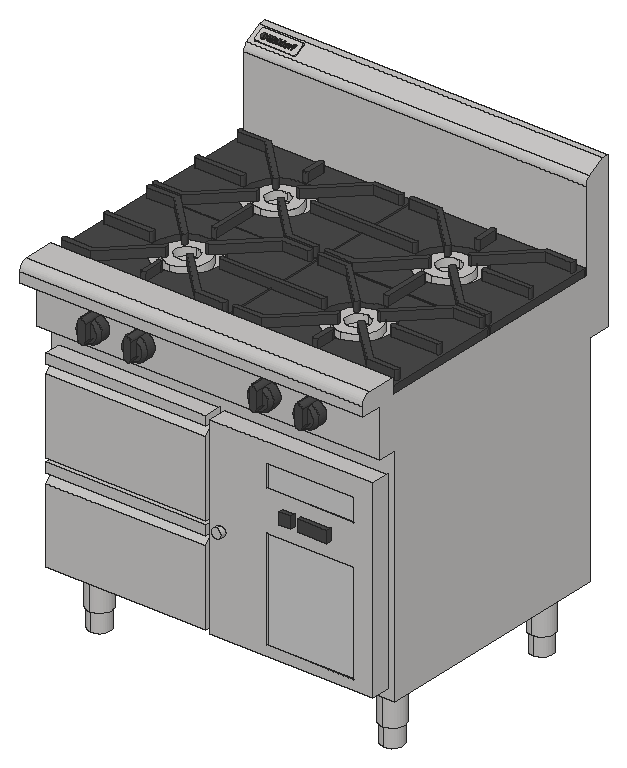
Revit family "QF_MOFFAT WALDORF_RN8900G-RB", category Specialty Equipment, Revit 2012 (continued)
Automatic sketch dimensions
  Extrusion 7 sketch curve to Extrusion 7 sketch curve = 130.621 mm  (x3)
  Extrusion 7 sketch curve to Extrusion 7 sketch curve = 28.921 mm  (x3)
  Extrusion 7 sketch curve to Extrusion 7 sketch curve = 49.825 mm  (x2)
  Extrusion 1 to Split face 1 sketch curve = 5.177 mm
  Split face 1 sketch curve to Extrusion 1 = 9.153 mm
  Split face 1 sketch curve to Extrusion 1 = 154.563 mm
  Split face 1 sketch curve to Split face 1 sketch curve = 20.0 mm
  Revolve 8 sketch curve to Revolve 8 sketch curve = 23.0 mm
  Revolve 8 sketch curve to Revolve 8 sketch curve = 12.7 mm
  Revolve 8 sketch curve to Revolve 8 sketch curve = 0.0 mm  (x2)
  plane 10 to Revolve 8 sketch curve = 112.895 mm
  Revolve 8 sketch curve to Revolve 8 sketch curve = 5.0 mm
  Revolve 8 sketch curve to Revolve 8 sketch curve = 26.651 mm
  Revolve 8 sketch curve to Revolve 8 sketch curve = 5.849 mm
  plane 4 "RIGHT" to Extrusion 9 sketch curve = 175.0 mm
  Extrusion 9 sketch curve to Extrusion 9 sketch curve = 10.0 mm
  plane 10 to Extrusion 9 sketch curve = 124.997 mm
  Extrusion 9 sketch curve to Extrusion 9 sketch curve = 38.997 mm
  Revolve 10 sketch curve to plane 5 "FRONT" = 12.0 mm
  Revolve 10 sketch curve to Revolve 10 sketch curve = 0.0 mm  (x2)
  Revolve 10 sketch curve to Revolve 10 sketch curve = 11.0 mm
  Revolve 10 sketch curve to Revolve 10 sketch curve = 12.7 mm
  Revolve 10 sketch curve to Revolve 10 sketch curve = 23.0 mm
  Revolve 10 sketch curve to Revolve 10 sketch curve = 10.0 mm
  plane 10 to Revolve 10 sketch curve = 80.593 mm
  Revolve 10 sketch curve to Revolve 10 sketch curve = 5.849 mm
  Revolve 10 sketch curve to Revolve 10 sketch curve = 27.5 mm
  Revolve 10 sketch curve to Revolve 10 sketch curve = 5.0 mm
  plane 7 "Center Y" to Extrusion 11 sketch curve = 175.0 mm
  Extrusion 11 sketch curve to Extrusion 11 sketch curve = 10.0 mm
  plane 10 to Extrusion 11 sketch curve = 86.0 mm
  Extrusion 11 sketch curve to Extrusion 11 sketch curve = 39.0 mm
  Extrusion 1 to Split face 2 sketch curve = 5.177 mm
  Split face 2 sketch curve to Extrusion 1 = 9.153 mm
  Split face 2 sketch curve to Extrusion 1 = 204.563 mm
  Split face 2 sketch curve to Split face 2 sketch curve = 20.0 mm
  Extrusion 1 to Split face 3 sketch curve = 5.177 mm
  Split face 3 sketch curve to Extrusion 1 = 9.153 mm
  Split face 3 sketch curve to Extrusion 1 = 254.563 mm
  Split face 3 sketch curve to Split face 3 sketch curve = 20.0 mm
  Extrusion 1 to Split face 4 sketch curve = 5.177 mm
  Split face 4 sketch curve to Extrusion 1 = 9.153 mm
  Split face 4 sketch curve to Extrusion 1 = 304.563 mm
  Split face 4 sketch curve to Split face 4 sketch curve = 20.0 mm
  Extrusion 1 to Split face 5 sketch curve = 5.177 mm
  Split face 5 sketch curve to Extrusion 1 = 9.153 mm
  Split face 5 sketch curve to Extrusion 1 = 354.563 mm
  Split face 5 sketch curve to Split face 5 sketch curve = 20.0 mm
  Extrusion 1 to Split face 6 sketch curve = 5.177 mm
  Split face 6 sketch curve to Extrusion 1 = 9.153 mm
  Split face 6 sketch curve to Extrusion 1 = 404.563 mm
  Split face 6 sketch curve to Split face 6 sketch curve = 20.0 mm
  Extrusion 1 to Split face 7 sketch curve = 5.177 mm
  Split face 7 sketch curve to Extrusion 1 = 9.153 mm
  Split face 7 sketch curve to Extrusion 1 = 445.437 mm
  Split face 7 sketch curve to Split face 7 sketch curve = 20.0 mm
  Extrusion 1 to Split face 8 sketch curve = 5.177 mm
  Split face 8 sketch curve to Extrusion 1 = 9.153 mm
  Split face 8 sketch curve to Extrusion 1 = 395.437 mm
  Split face 8 sketch curve to Split face 8 sketch curve = 20.0 mm
  Extrusion 1 to Split face 9 sketch curve = 5.177 mm
  Split face 9 sketch curve to Extrusion 1 = 9.153 mm
  Split face 9 sketch curve to Extrusion 1 = 345.437 mm
  Split face 9 sketch curve to Split face 9 sketch curve = 20.0 mm
  Extrusion 1 to Split face 10 sketch curve = 5.177 mm
  Split face 10 sketch curve to Extrusion 1 = 9.153 mm
  Split face 10 sketch curve to Extrusion 1 = 295.437 mm
  Split face 10 sketch curve to Split face 10 sketch curve = 20.0 mm
  Extrusion 1 to Split face 11 sketch curve = 5.177 mm
  Split face 11 sketch curve to Extrusion 1 = 9.153 mm
  Split face 11 sketch curve to Extrusion 1 = 245.437 mm
  Split face 11 sketch curve to Split face 11 sketch curve = 20.0 mm
  Extrusion 1 to Split face 12 sketch curve = 5.177 mm
  Split face 12 sketch curve to Extrusion 1 = 9.153 mm
  Split face 12 sketch curve to Extrusion 1 = 195.437 mm
  Split face 12 sketch curve to Split face 12 sketch curve = 20.0 mm
  Revolve 12 sketch curve to plane 9 "Base Height" = 0.0 mm
  Revolve 12 sketch curve to level = 0.0 mm
  level to Revolve 12 sketch curve = 50.0 mm
  plane 1 "BACK" to Revolve 12 sketch curve = 166.75 mm
  Revolve 12 sketch curve to Revolve 12 sketch curve = 4.25 mm
  Revolve 12 sketch curve to Revolve 12 sketch curve = 27.5 mm  (x2)
  Revolve 12 sketch curve to Revolve 12 sketch curve = 55.0 mm
  Revolve 12 sketch curve to Revolve 12 sketch curve = 0.0 mm
  Revolve 13 sketch curve to plane 9 "Base Height" = 0.0 mm
  Revolve 13 sketch curve to level = 0.0 mm
  level to Revolve 13 sketch curve = 50.0 mm
  Revolve 13 sketch curve to plane 5 "FRONT" = 148.25 mm
  Revolve 13 sketch curve to Revolve 13 sketch curve = 4.25 mm
  Revolve 13 sketch curve to Revolve 13 sketch curve = 27.5 mm  (x2)
  Revolve 13 sketch curve to Revolve 13 sketch curve = 55.0 mm
  Revolve 13 sketch curve to Revolve 13 sketch curve = 0.0 mm
  Revolve 14 sketch curve to plane 9 "Base Height" = 0.0 mm
  Revolve 14 sketch curve to level = 0.0 mm
  level to Revolve 14 sketch curve = 50.0 mm
  plane 1 "BACK" to Revolve 14 sketch curve = 166.75 mm
  Revolve 14 sketch curve to Revolve 14 sketch curve = 4.25 mm
  Revolve 14 sketch curve to Revolve 14 sketch curve = 27.5 mm  (x2)
  Revolve 14 sketch curve to Revolve 14 sketch curve = 0.0 mm
  Revolve 14 sketch curve to Revolve 14 sketch curve = 55.0 mm
  Revolve 15 sketch curve to plane 9 "Base Height" = 0.0 mm
  Revolve 15 sketch curve to level = 0.0 mm
  level to Revolve 15 sketch curve = 50.0 mm
  Revolve 15 sketch curve to plane 5 "FRONT" = 148.25 mm
  Revolve 15 sketch curve to Revolve 15 sketch curve = 4.25 mm
  Revolve 15 sketch curve to Revolve 15 sketch curve = 27.5 mm  (x2)
  Revolve 15 sketch curve to Revolve 15 sketch curve = 0.0 mm
  Revolve 15 sketch curve to Revolve 15 sketch curve = 55.0 mm
  Extrusion 16 sketch curve to plane 11 = 0.0 mm
  Extrusion 16 sketch curve to plane 11 = 25.0 mm
  plane 4 "RIGHT" to Extrusion 16 sketch curve = 69.0 mm  (x2)
  Extrusion 16 sketch curve to Extrusion 16 sketch curve = 265.0 mm
  Extrusion 16 sketch curve to Extrusion 16 sketch curve = 104.0 mm
  Extrusion 16 sketch curve to Extrusion 16 sketch curve = 60.0 mm
  plane 4 "RIGHT" to Extrusion 16 sketch curve = 19.0 mm
  Extrusion 16 sketch curve to Extrusion 16 sketch curve = 50.0 mm
  plane 7 "Center Y" to Extrusion 16 sketch curve = 151.0 mm
  Extrusion 16 sketch curve to Extrusion 16 sketch curve = 0.0 mm
  plane 7 "Center Y" to Extrusion 16 sketch curve = 3.0 mm
  Extrusion 17 sketch curve to Extrusion 16 = 34.46 mm  (x2)
  Extrusion 17 sketch curve to Extrusion 17 sketch curve = 30.0 mm  (x2)
  Extrusion 17 sketch curve to Extrusion 17 sketch curve = 0.0 mm
  Extrusion 16 to Extrusion 17 sketch curve = 43.926 mm
  Extrusion 17 sketch curve to Extrusion 17 sketch curve = 17.577 mm
  Extrusion 16 to Extrusion 17 sketch curve = 60.185 mm
  Extrusion 16 to Extrusion 18 sketch curve = 39.229 mm
  Extrusion 18 sketch curve to Extrusion 16 = 27.856 mm
  Extrusion 19 sketch curve to Extrusion 16 = 0.0 mm  (x6)
  Extrusion 16 to Extrusion 19 sketch curve = 0.0 mm  (x2)
  Extrusion 1 to Extrusion 20 sketch curve = 283.0 mm
  Extrusion 1 sketch curve to Extrusion 1 sketch curve = 59.0 mm
  Extrusion 1 sketch curve to Extrusion 1 sketch curve = 150.0 mm
  Extrusion 1 sketch curve to plane 1 "BACK" = 0.0 mm
  Extrusion 1 to Extrusion 20 sketch curve = 323.0 mm
  curve 70 to curve 114 = 0.722 mm
  curve 84 to curve 119 = 0.722 mm
  curve 96 to curve 116 = 1.735 mm
  curve 104 to curve 118 = 1.735 mm
  plane 15 to curve 118 = 2.981 mm
  plane 15 to curve 120 = 3.882 mm
  curve 117 to curve 90 = 1.437 mm
  curve 119 to curve 84 = 0.535 mm
  curve 104 to curve 115 = 7.379 mm
  curve 70 to curve 114 = 8.28 mm
  curve 116 to curve 88 = 0.437 mm
  curve 86 to curve 113 = 0.465 mm
  plane 3 "LEFT" to Extrusion 7 sketch curve = 13.21 mm  (x3)
  plane 14 to Extrusion 7 sketch curve = 43.572 mm  (x4)
  plane 14 to Extrusion 7 sketch curve = 38.602 mm  (x2)
  plane 4 "RIGHT" to Extrusion 7 sketch curve = 13.21 mm  (x4)
  Extrusion 7 sketch curve to plane 15 = 44.172 mm  (x4)
  plane 3 "LEFT" to Extrusion 7 sketch curve = 13.273 mm  (x2)
  plane 4 "RIGHT" to Extrusion 7 sketch curve = 87.354 mm  (x2)
  Extrusion 7 sketch curve to Extrusion 7 sketch curve = 74.143 mm
  plane 4 "RIGHT" to Extrusion 7 sketch curve = 13.273 mm  (x2)
  Extrusion 21 sketch curve to Extrusion 21 sketch curve = 0.0 mm  (x49)
  Extrusion 1 to Extrusion 21 sketch curve = 110.5 mm  (x2)
  Extrusion 21 sketch curve to Extrusion 21 sketch curve = 27.0 mm  (x4)
  Extrusion 21 sketch curve to Extrusion 21 sketch curve = 30.0 mm  (x4)
  Extrusion 21 sketch curve to Extrusion 21 sketch curve = 185.0 mm  (x2)
  Extrusion 1 to Extrusion 21 sketch curve = 224.0 mm  (x2)
  Extrusion 1 to Extrusion 21 sketch curve = 226.0 mm
  Extrusion 1 to Extrusion 22 sketch curve = 1.0 mm  (x5)
  Extrusion 22 sketch curve to Extrusion 22 sketch curve = 3.0 mm  (x9)
  Extrusion 1 to Extrusion 22 sketch curve = 4.0 mm  (x2)
  Extrusion 22 sketch curve to Extrusion 22 sketch curve = 0.0 mm  (x6)
  Extrusion 1 to Extrusion 22 sketch curve = 167.079 mm
  Extrusion 1 to Extrusion 22 sketch curve = 167.98 mm
  Extrusion 22 sketch curve to Extrusion 22 sketch curve = 144.395 mm  (x2)
  Extrusion 22 sketch curve to Extrusion 22 sketch curve = 145.296 mm
  Extrusion 22 sketch curve to Extrusion 1 = 167.921 mm
  Extrusion 22 sketch curve to Extrusion 1 = 167.02 mm
  Extrusion 22 sketch curve to Extrusion 1 = 4.0 mm  (x3)
  Extrusion 22 sketch curve to Extrusion 1 = 1.0 mm  (x2)
  Extrusion 1 to Extrusion 22 sketch curve = 224.937 mm  (x2)
  Extrusion 22 sketch curve to Extrusion 22 sketch curve = 220.251 mm  (x2)
  Extrusion 22 sketch curve to Extrusion 22 sketch curve = 3.625 mm  (x2)
  Extrusion 1 to Extrusion 22 sketch curve = 224.05 mm  (x2)
  curve 86 to curve 121 = 0.0 mm  (x2)
  curve 86 to curve 122 = 27.0 mm
  curve 88 to curve 123 = 0.0 mm  (x2)
  curve 88 to curve 124 = 27.0 mm
  curve 90 to curve 125 = 0.0 mm  (x2)
  curve 90 to curve 125 = 27.0 mm
  curve 84 to curve 127 = 0.0 mm  (x2)
  curve 84 to curve 127 = 27.0 mm
  radius of Extrusion 4 sketch curve = 13.5 mm
  radius of Extrusion 18 sketch curve = 12.395 mm
  radius of Extrusion 20 sketch curve = 6.35 mm
  radius of Extrusion 22 sketch curve = 84.082 mm  (x4)
Nested families
  nested 1: "RN8900G-RB-CASTERS" at (65, -135, 0), Show Casters <- "Show Casters", visible <- "Show Casters", type "RN8900G-RB-CASTERS"
    with Type Mark "", Status "", Specification by User "", Show Casters no, Revision Code "", Item Number "", Installed By "", Identify Quantity as Lot yes, Furnished By "", Foodservice Equipment Identifier yes
  nested 2: "RN8900G-RB-CASTERS" at (835, -135, 0), Show Casters <- "Show Casters", visible <- "Show Casters", type "RN8900G-RB-CASTERS"
    with Type Mark "", Status "", Specification by User "", Show Casters no, Revision Code "", Item Number "", Installed By "", Identify Quantity as Lot yes, Furnished By "", Foodservice Equipment Identifier yes
  nested 3: "RNL8600G-RB-DOOR AND DRAWER" at (19, -699, 176.5), Show Door <- "Show Door", Show Drawer <- "Drawer", Drawer Clearance <- "Drawer Clearance", Door Clearance <- "Door Clearance", type "RNL8600G-RB-DOOR AND DRAWER"
    with Type Mark "", Status "", Specification by User "", Show Drawer yes, Show Door no, Revision Code "", Item Number "", Installed By "", Identify Quantity as Lot yes, Furnished By "", Foodservice Equipment Identifier yes, Drawer Clearance yes, Door Clearance no
  nested 4: "WALDORF LOGO_FACE BASE" at (12.285, -22.852, 1126.333) x (1, 0, 0) z (0, -0.5, 0.866), visible <- "Show Logo", type "WALDORF LOGO_FACE BASE", detail levels medium+fine
    with Show Logo yes
Connectors
  piping at (770, -32, 655)
    settings: on Extrusion 4, index 3, connector radius 0.37402", flow factor 0, pipe flow 0 GPM, pressure drop 0.00 psi, fitting loss kfactor 0, connector angle 0.00°, fixture units 0, engagement length 0.0 mm, flow configuration 1, flow direction 1, fitting loss method 0, system type 7, joint type 0, gender type 0, connector reference index -1, connector utility 0, adjustable connector no, is connector primary yes, fitting loss table "", connector description "GAS CONNECTION"
  electrical at (617, 1.6, 402), driven by "Volts", driven by "Watts"
    settings: on Extrusion 20, index 4, voltage 240 V, apparent load 250 VA, apparent load phase1 0 VA, apparent load phase2 0 VA, apparent load phase3 0 VA, power factor 1, load classification "Other", number of poles 1, system type 30, power factor state 1, is connector primary yes, connector utility no, sub classification motor no, connector description "ELECTRICAL CONNECTION"
Definition of nested family "RNL8600G-RB-DOOR AND DRAWER"
  Parameters (values of type "GP8900G-RB-DOOR AND DRAWER")
    Weight in Pounds = 0
    URL Cutsheet = ""
    URL = ""
    Type Mark [instance] = ""
    Status [instance] = ""
    Specification by User [instance] = ""
    Specification by Manufacturer = ""
    Show Door [instance] = yes
    Serial Number = ""
    Seismic Rating = ""
    SMACNA No = ""
    Revision Code [instance] = ""
    Omniclass Number and Title = ""
    NAFEM Spec ID Number = ""
    Model = ""
    Masterspec = ""
    Manufacturer = ""
    Item Number [instance] = ""
    Installed By [instance] = ""
    Identify Quantity as Lot [instance] = yes
    Furnished By [instance] = ""
    Foodservice Equipment Identifier [instance] = yes
    Show Drawer [instance] = yes
    Drawer Clearance [instance] = yes
    Door Clearance [instance] = yes
    Description = ""
    CSI MasterFormat = ""
    CSI Master Format = ""
  Reference planes
    plane 1 "BACK": y = 0
    plane 2: z = 0
    plane 3 "LEFT": x = 0
    plane 4 "RIGHT": x = 420
    plane 5 "FRONT": y = -464.82
    plane 6 "TOP": z = 504
    plane 7 "Center Y": x = 210
    plane 8 "Center X": y = -232.41
    plane 9: x = 420
  Forms (mm)
    Extrusion 1, solid, material "QF_Finishes_Stainless Steel", visible <- "Show Drawer"
      sketch origin (-19, 702.18, -174) x (0, 1, 0) y (0, 0, 1)
        loop
          line (-747, 678) -> (-747, 653) -> (-722, 653) -> (-747, 628) -> (-747, 431) -> (-702.18, 431) -> (-702.18, 678) -> (-747, 678)
        loop
          line (-747, 421) -> (-747, 396) -> (-722, 396) -> (-747, 371) -> (-747, 174) -> (-702.18, 174) -> (-702.18, 421) -> (-747, 421)
      from 19 to 439
    Extrusion 2, solid, material "QF_Door-Drawer Clearances", visible <- "Drawer Clearance", detail levels coarse
      sketch origin (-19, -44.82, 257) x (0, 0, 1) y (-1, 0, 0)
        loop
          line (-257, -19) -> (-257, -439) -> (-10, -439) -> (-10, -19) -> (-257, -19)
        loop
          line (0, -19) -> (0, -439) -> (247, -439) -> (247, -19) -> (0, -19)
      from 0 to 304.8
    Extrusion 3, solid, material "QF_Finishes_Stainless Steel", visible <- "Show Door"
      sketch origin (-19, 702.18, -174) x (0, 1, 0) y (0, 0, 1)
        loop
          line (-748.15, 675.55) -> (-748.15, 658) -> (-723.95, 658) -> (-723.95, 648.15)
          arc (-723.95, 648.15) -> (-740.921, 641.121) -> (-747.95, 624.15) r 24
          line (-747.95, 624.15) -> (-747.95, 198)
          arc (-747.95, 198) -> (-740.921, 181.029) -> (-723.95, 174) r 24
          line (-723.95, 174) -> (-705.2, 174) -> (-705.2, 678) -> (-745.7, 678)
          arc (-745.7, 678) -> (-747.432, 677.282) -> (-748.15, 675.55) r 2.45
      from 19 to 439
    Extrusion 4, solid, material "QF_Door-Drawer Clearances", visible <- "Door Clearance", detail levels coarse
      sketch origin (-19, -8.47, 0) x (-1, 0, 0) y (0, 1, 0)
        loop
          line (-19, -36.35) -> (-439, -36.35)
          arc (-439, -36.35) -> (-315.985, -333.335) -> (-19, -456.35) r 420
          line (-19, -456.35) -> (-19, -36.35)
      from 0 to -504
  Lines and regions (mm)
    symbolic lines, style "QF_Door-Drawer Clearances", visible <- "Drawer Clearance"
      curve 1: line (0, -102.82, 150) -> (0, -349.62, 150)
      curve 2: line (420, -349.62, 150) -> (420, -104.62, 150)
      curve 5: line (0, -349.62, 0) -> (420, -349.62, 0)
    symbolic lines, style "QF_Door-Drawer Clearances", visible <- "Door Clearance"
      curve 3: line (58, -102.82, 150) -> (296.985, -341.805, 150)
      curve 4: arc (416.229, -100.977, 150) -> (376.388, -231.185, 150) -> (296.985, -341.805, 150) r 420
  Dimensions and locks
    equal spacing: plane 3 "LEFT", plane 7 "Center Y", plane 4 "RIGHT"
    plane 3 "LEFT" to plane 4 "RIGHT" = 420.0 mm
    equal spacing: plane 5 "FRONT", plane 8 "Center X", plane 1 "BACK"
    plane 5 "FRONT" to plane 1 "BACK" = 464.82 mm
    plane 6 "TOP" to level = 504.0 mm
    aligned and locked: level to plane 2
  Automatic sketch dimensions
    curve 4 to plane 3 "LEFT" = 0.0 mm
    curve 1 to plane 3 "LEFT" = 0.0 mm
    plane 4 "RIGHT" to curve 4 = 3.771 mm
    plane 7 "Center Y" to curve 3 = 86.985 mm
    curve 3 to curve 1 = 58.0 mm
    plane 1 "BACK" to curve 4 = 44.82 mm
    plane 1 "BACK" to curve 4 = 100.977 mm
    curve 4 to curve 3 = 58.0 mm
    curve 1 to curve 3 = 0.0 mm
    curve 4 to curve 2 = 3.643 mm
    Extrusion 1 sketch curve to level = 0.0 mm
    Extrusion 1 sketch curve to plane 1 "BACK" = 0.0 mm  (x2)
    plane 1 "BACK" to Extrusion 1 sketch curve = 19.82 mm  (x2)
    Extrusion 1 sketch curve to Extrusion 1 sketch curve = 25.0 mm  (x6)
    Extrusion 1 sketch curve to Extrusion 1 sketch curve = 0.0 mm
    Extrusion 1 sketch curve to Extrusion 1 sketch curve = 44.82 mm
    level to Extrusion 1 sketch curve = 197.0 mm
    Extrusion 1 sketch curve to Extrusion 1 sketch curve = 10.0 mm
    Extrusion 1 sketch curve to Extrusion 1 sketch curve = 197.0 mm
    Extrusion 1 to Extrusion 2 sketch curve = 0.0 mm  (x4)
    Extrusion 2 sketch curve to Extrusion 1 = 0.0 mm
    Extrusion 1 to Extrusion 2 sketch curve = 222.0 mm
    Extrusion 2 sketch curve to Extrusion 2 sketch curve = 10.0 mm
    Extrusion 2 sketch curve to Extrusion 2 sketch curve = 247.0 mm
    Extrusion 3 sketch curve to level = 0.0 mm
    plane 1 "BACK" to Extrusion 3 sketch curve = 45.97 mm
    Extrusion 3 sketch curve to Extrusion 3 sketch curve = 0.2 mm
    Extrusion 3 sketch curve to Extrusion 3 sketch curve = 2.45 mm
    plane 1 "BACK" to Extrusion 3 sketch curve = 21.77 mm  (x2)
    plane 1 "BACK" to Extrusion 3 sketch curve = 3.02 mm
    Extrusion 3 sketch curve to Extrusion 3 sketch curve = 426.15 mm
    Extrusion 3 sketch curve to Extrusion 3 sketch curve = 9.85 mm
    Extrusion 3 sketch curve to Extrusion 3 sketch curve = 17.55 mm
    Extrusion 4 sketch curve to Extrusion 3 = 0.0 mm  (x2)
    Extrusion 3 to Extrusion 4 sketch curve = 23.05 mm
    curve 2 to plane 4 "RIGHT" = 0.0 mm
    curve 1 to plane 5 "FRONT" = 115.2 mm
    curve 2 to plane 5 "FRONT" = 115.2 mm
Definition of nested family "WALDORF LOGO_FACE BASE"
  Parameters (values of type "WALDORF LOGO_FACE BASE")
    Show Logo [instance] = yes
    Default Elevation = 1219.2 mm
  Reference planes
    plane 1 "Center (Front/Back)": y = 0
    plane 2: z = 0
    plane 3 "Center (Left/Right)": x = 0
  Forms (mm)
    Extrusion 1, solid
      sketch origin (0, 0, 0) x (1, 0, 0) y (0, 1, 0)
        loop
          line (-1219.2, 1219.2) -> (-1219.2, -1219.2) -> (1219.2, -1219.2) -> (1219.2, 1219.2) -> (-1219.2, 1219.2)
      from 0 to -304.8
    Extrusion 2, solid, material "QF_Finishes_Stainless Steel", visible <- "Show Logo"
      sketch origin (0, -33.217, 0) x (1, 0, 0) y (0, 1, 0)
        loop
          arc (5, 34.14) -> (1.464, 32.676) -> (0, 29.14) r 5
          line (0, 29.14) -> (0, 5)
          arc (0, 5) -> (1.464, 1.464) -> (5, 0) r 5
          line (5, 0) -> (104, 0)
          arc (104, 0) -> (107.536, 1.464) -> (109, 5) r 5
          line (109, 5) -> (109, 29.14)
          arc (109, 29.14) -> (107.536, 32.676) -> (104, 34.14) r 5
          line (104, 34.14) -> (5, 34.14)
      from 0 to 1.588
    Extrusion 3, solid, material "QF_Finishes_Black", visible <- "Show Logo"
      sketch origin (0, -33.217, 1.588) x (1, 0, 0) y (0, 1, 0)
        loop
          line (24.772, 23.214) -> (27.992, 10.301) -> (31.551, 10.301) -> (33.443, 17.364) -> (35.205, 10.301) -> (39.332, 10.301) -> (42.077, 23.214) -> (38.352, 23.214) -> (36.676, 15.33) -> (35, 23.214) -> (31.752, 23.214) -> (30.076, 15.33) -> (28.4, 23.214) -> (24.772, 23.214)
        loop
          line (42.272, 17.055) -> (45.703, 17.055)
          spline (45.703, 17.055) -> (45.741, 17.285) -> (45.852, 17.499) -> (46.028, 17.682) -> (46.258, 17.823) -> (46.526, 17.912) -> (46.813, 17.942) -> (47.1, 17.912) -> (47.368, 17.823) -> (47.597, 17.682) -> (47.774, 17.499) -> (47.884, 17.285) -> (47.922, 17.055)
          line (47.922, 17.055) -> (47.922, 16.222)
          arc (47.922, 16.222) -> (45.742, 16.014) -> (43.665, 15.317) r 9.604
          arc (43.665, 15.317) -> (41.924, 12.809) -> (43.665, 10.301) r 2.677
          arc (43.665, 10.301) -> (45.527, 10.353) -> (47.332, 10.816) r 8.365
          line (47.332, 10.816) -> (48.092, 11.105) -> (48.092, 10.301) -> (51.817, 10.301) -> (51.817, 17.055)
          spline (51.817, 17.055) -> (51.654, 17.821) -> (51.178, 18.535) -> (50.419, 19.148) -> (49.431, 19.619) -> (48.28, 19.914) -> (47.044, 20.015) -> (45.809, 19.914) -> (44.658, 19.619) -> (43.67, 19.148) -> (42.911, 18.535) -> (42.434, 17.821) -> (42.272, 17.055)
        loop
          line (53.151, 23.214) -> (53.151, 10.301) -> (57.37, 10.301) -> (57.37, 23.214) -> (53.151, 23.214)
        loop
          line (64.874, 23.214) -> (64.874, 18.857)
          arc (64.874, 18.857) -> (58.083, 15.11) -> (64.874, 11.363) r 4.429
          line (64.874, 11.363) -> (64.874, 10.301) -> (68.378, 10.301) -> (68.378, 23.214) -> (64.874, 23.214)
        loop
          arc (64.874, 16.083) -> (61.41, 14.987) -> (64.874, 13.891) r 1.905
          line (64.874, 13.891) -> (64.874, 16.083)
        loop
          circle (74.623, 15.223) r 5
        loop
          spline (74.623, 17.856) -> (74.355, 17.766) -> (74.105, 17.503) -> (73.891, 17.084) -> (73.726, 16.539) -> (73.623, 15.904) -> (73.588, 15.223) -> (73.623, 14.541) -> (73.726, 13.906) -> (73.891, 13.361) -> (74.105, 12.942) -> (74.355, 12.679) -> (74.623, 12.59)
          spline (74.623, 12.59) -> (74.891, 12.679) -> (75.141, 12.942) -> (75.355, 13.361) -> (75.52, 13.906) -> (75.623, 14.541) -> (75.659, 15.223) -> (75.623, 15.904) -> (75.52, 16.539) -> (75.355, 17.084) -> (75.141, 17.503) -> (74.891, 17.766) -> (74.623, 17.856)
        loop
          line (81.255, 19.813) -> (81.255, 10.301) -> (84.834, 10.301) -> (84.834, 14.176)
          arc (84.834, 14.176) -> (85.854, 16.093) -> (88.013, 16.32) r 2.313
          line (88.013, 16.32) -> (88.013, 19.813) -> (87.161, 19.813)
          arc (87.161, 19.813) -> (85.526, 19.266) -> (84.549, 17.844) r 2.717
          line (84.549, 17.844) -> (84.549, 19.813) -> (81.255, 19.813)
        loop
          line (90.249, 19.813) -> (88.91, 19.813) -> (88.91, 17.614) -> (90.249, 17.614) -> (90.249, 10.301) -> (93.998, 10.301) -> (93.998, 17.614) -> (95.418, 17.614) -> (95.418, 19.813) -> (93.998, 19.813)
          arc (93.998, 19.813) -> (94.414, 20.817) -> (95.418, 21.233) r 1.42
          line (95.418, 21.233) -> (95.418, 23.602) -> (93.317, 23.602)
          arc (93.317, 23.602) -> (91.343, 22.903) -> (90.249, 21.118) r 3.137
          line (90.249, 21.118) -> (90.249, 19.813)
        loop
          arc (15.241, 23.571) -> (8.392, 16.525) -> (15.241, 9.479) r 7.049
          line (15.241, 9.479) -> (15.241, 23.571)
        loop
          line (15.641, 23.571) -> (15.641, 9.479)
          arc (15.641, 9.479) -> (22.49, 16.525) -> (15.641, 23.571) r 7.049
        loop
          arc (47.922, 14.711) -> (46.266, 13.749) -> (47.922, 12.787) r 1.107
          line (47.922, 12.787) -> (47.922, 14.711)
      from 0 to 0.2
  Dimensions and locks
    aligned and locked: plane 2 to Extrusion 1
    aligned and locked: level to Extrusion 1
Definition of nested family "RN8900G-RB-CASTERS"
  Parameters (values of type "BTL8450-CB-CASTERS")
    Weight = ""
    URL Manufacturer = ""
    URL Cutsheet = ""
    URL = ""
    Type Mark [instance] = ""
    Status [instance] = ""
    Specification by User [instance] = ""
    Specification by Manufacturer = ""
    Show Casters [instance] = no
    Serial Number = ""
    Seismic Rating = ""
    SMACNA No = ""
    Revision Code [instance] = ""
    Omniclass Number and Title = ""
    NAFEM Spec ID Number = ""
    Model = ""
    MasterSpec. = ""
    Manufacturer = ""
    Item Number [instance] = ""
    Installed By [instance] = ""
    Identify Quantity as Lot [instance] = yes
    Furnished By [instance] = ""
    Foodservice Equipment Identifier [instance] = yes
    Description = ""
    CSI MasterFormat = ""
    CSI Master Format = ""
    Assembly Code = ""
  Reference planes
    plane 1: z = 0
    plane 2 "RIGHT": x = 0
    plane 3 "FRONT": y = 0
    plane 4 "TOP": z = 177.8
  Forms (mm)
    Revolve 1, solid, material "QF_Finishes_Stainless Steel", visible <- "Show Casters"
      sketch origin (0, 56.335, 0) x (0, 1, 0) y (0, 0, 1)
        loop
          line (-56.335, 152.4) -> (-56.335, 141.118) -> (-23.798, 141.118) -> (-23.798, 152.4) -> (-56.335, 152.4)
        axis (-56.335, 141.118) -> (-56.335, 152.4)
      angle from 0 to 360
    Extrusion 2, solid, material "QF_Finishes_Stainless Steel", visible <- "Show Casters"
      sketch origin (-46.049, 56.335, 0) x (0, 1, 0) y (0, 0, 1)
        loop
          line (-85.799, 141.118) -> (-85.799, 133.498) -> (-82.136, 133.498)
          arc (-82.136, 133.498) -> (-79.344, 132.328) -> (-77.146, 130.248) r 8.432
          line (-77.146, 130.248) -> (-39.502, 49.52)
          arc (-39.502, 49.52) -> (-13.784, 46.107) -> (-5.673, 70.75) r 20.32
          arc (-5.673, 70.75) -> (-7.065, 73.611) -> (-8.887, 76.22) r 20.32
          arc (-8.887, 76.22) -> (-9.399, 85.377) -> (-6.626, 94.119) r 25.4
          line (-6.626, 94.119) -> (8.003, 121.632)
          arc (8.003, 121.632) -> (-2.347, 126.31) -> (-13.34, 129.167) r 66.802
          line (-13.34, 129.167) -> (-13.765, 133.498) -> (-26.871, 133.498) -> (-26.871, 141.118) -> (-85.799, 141.118)
      from 20.058 to 22.923
    Extrusion 3, solid, material "QF_Finishes_Stainless Steel", visible <- "Show Casters"
      sketch origin (3.326, 56.335, 0) x (0, 1, 0) y (0, 0, 1)
        loop
          line (-85.799, 141.118) -> (-85.799, 133.498) -> (-82.136, 133.498)
          arc (-82.136, 133.498) -> (-79.344, 132.328) -> (-77.146, 130.248) r 8.432
          line (-77.146, 130.248) -> (-39.502, 49.52)
          arc (-39.502, 49.52) -> (-13.784, 46.107) -> (-5.673, 70.75) r 20.32
          arc (-5.673, 70.75) -> (-7.065, 73.611) -> (-8.887, 76.22) r 20.32
          arc (-8.887, 76.22) -> (-9.399, 85.377) -> (-6.626, 94.119) r 25.4
          line (-6.626, 94.119) -> (8.003, 121.632)
          arc (8.003, 121.632) -> (-2.347, 126.31) -> (-13.34, 129.167) r 66.802
          line (-13.34, 129.167) -> (-13.765, 133.498) -> (-26.871, 133.498) -> (-26.871, 141.118) -> (-85.799, 141.118)
      from 20.058 to 22.923
    Extrusion 4, solid, material "QF_Finishes_Stainless Steel", visible <- "Show Casters"
      sketch origin (-49.224, 56.335, 0) x (0, 1, 0) y (0, 0, 1)
        loop
          line (-85.799, 141.118) -> (-85.799, 133.498) -> (-82.136, 133.498) -> (-18.877, 127.964) -> (7.14, 120.01) -> (8.003, 121.632)
          arc (8.003, 121.632) -> (-2.347, 126.31) -> (-13.34, 129.167) r 66.802
          line (-13.34, 129.167) -> (-13.765, 133.498) -> (-26.871, 133.498) -> (-26.871, 141.118) -> (-85.799, 141.118)
      from 26.098 to 72.56
    Revolve 5, solid, material "QF_Finishes_Stainless Steel", visible <- "Show Casters"
      sketch origin (-49.224, 30.821, 0) x (1, 0, 0) y (0, 0, 1)
        loop
          line (14.841, 63.604) -> (83.584, 63.604) -> (83.584, 67.109) -> (82.314, 68.379) -> (80.79, 68.379) -> (80.79, 71.826) -> (68.644, 71.826) -> (68.644, 81.79) -> (65.088, 83.843) -> (61.683, 104.879) -> (65.881, 104.879) -> (65.881, 111.229) -> (65.088, 111.229) -> (65.088, 117.579)
          arc (65.088, 117.579) -> (62.298, 124.314) -> (55.563, 127.104) r 9.525
          line (55.563, 127.104) -> (42.863, 127.104)
          arc (42.863, 127.104) -> (36.127, 124.314) -> (33.338, 117.579) r 9.525
          line (33.338, 117.579) -> (33.338, 111.229) -> (32.544, 111.229) -> (32.544, 104.879) -> (36.742, 104.879) -> (33.352, 83.932) -> (29.782, 81.871) -> (29.782, 71.826) -> (17.635, 71.826) -> (17.635, 68.379) -> (16.111, 68.379) -> (14.841, 67.109) -> (14.841, 63.604)
        axis (14.841, 63.604) -> (83.584, 63.604)
      angle from 0 to 360
  Cuts and joins
    joined: Extrusion 2, Extrusion 3, Extrusion 4
  Lines and regions (mm)
    symbolic lines, style "SpecialityEquipmentHiddenLines", visible <- "Show Casters"
      curve 1: line (18.009, 67.053, 0) -> (45.595, 51.127, 0)
      curve 2: line (-45.491, -42.932, 0) -> (18.009, 67.053, 0)
      curve 3: line (-17.905, -58.859, 0) -> (-45.491, -42.932, 0)
      curve 4: line (45.595, 51.127, 0) -> (-17.905, -58.859, 0)
  Dimensions and locks
    plane 4 "TOP" to level = 177.8 mm  (x2)
    Revolve 5 sketch curve to Revolve 5 sketch curve = 63.5 mm
    aligned and locked: level to plane 1
